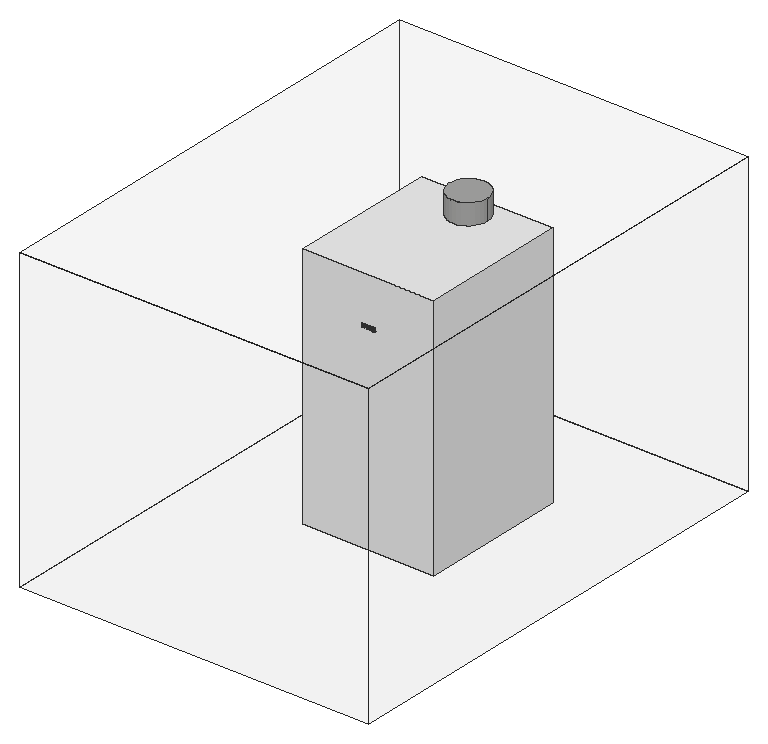
Revit family "Sirius_two_FS_90kW_LOD-3", category Mechanical Equipment, Revit 2014
Parameters (values of type "90kW")
  Weekly = "0"
  Water Treatment Required = yes
  Water Content = 8.34 L
  Warranty ID = "See manufacturers website for warranty options and T&C's"
  Voltage = 230 V
  Uniclass2015 = "Pr_60_60_08"
  URL = ""
  Type = ""
  Turndown Ratio = "9:1"
  Supply Phase = 1
  Starting Current = 0 A
  Sound Pressure Level = "64 dBA"
  Shipping Weight = 117.00 kg
  Shape = "Rectangular (Vertical)"
  Safety Valve Connection Type = "Threaded"
  Safety Valve Connection Size = 19.05 mm
  Responsible Sourcing of Materials = "0"
  Responsible Extraction of Materials = "0"
  Reference Standard = "ISO 9001; ISO 14001"
  Rated Output = 85000 W
  Rated Criteria = "80/60"
  Quarterly = "0"
  Product Range = "Sirius two FS (90kW)"
  Product Model Number = "5142182"
  Product Literature = "ww.pottertoncommercial.co.uk/products/stainless-steel/sirius-two-fs-50-110kW.htm"
  Primary Fuel = "Gas - NG"
  Overall Width = 600 mm
  Overall Length = 681 mm
  Overall Height = 1127 mm
  Optional Fuel = "Gas - LPG"
  Operation and Maintenance Manual = "http://www.pottertoncommercial.co.uk/products/stainless-steel/sirius-two-fs-50-110kW.htm"
  Oil Consumption rate = 0
  Nominal Oil Inlet Pressure = 0.000 bar
  Nominal Gas Inlet Pressure = 0.020 bar
  NOx Emissions = "36 mg/kWh"
  Mounting = "Floor Standing"
  Monthly = "0"
  Model = "SIRIUS two FS50"  # constant formula
  Minimum Power Consumption = 24 W
  Minimum Operating Pressure = 1.000 bar
  Minimum Oil Inlet Pressure = 0.000 bar
  Minimum Gas Inlet Pressure = 0.018 bar
  Minimum Flow Rate at 20C temperature differential = 1.020 L/s
  Minimum Flow Rate at 11C temperature differential = 1.360 L/s
  Maximum Power Consumption = 146 W
  Maximum Operating Pressure = 4.000 bar
  Maximum Oil Inlet Pressure = 0.000 bar
  Maximum Gas Inlet Pressure = 0.000 bar
  Material Ingredient Reporting = "0"
  Manufacturer Website = "http://www.pottertoncommercial.co.uk/index.htm"
  Manufacturer = "Potterton Commercial"  # constant formula
  Maintenance Required 8001 to 12000hrs = "0"
  Maintenance Required 601 to 1000hrs = "0"
  Maintenance Required 4001 to 8000hrs = "0"
  Maintenance Required 301 to 600hrs = "0"
  Maintenance Required 2001 to 4000hrs = "0"
  Maintenance Required 1001 to 2000hrs = "0"
  Maintenance Required 0 to 300hrs = "0"
  Location of Manufacturer = "0"
  Life Cycle Analysis = "0"
  Interlocks = yes
  IfcExportType = "NOTDEFINED"  # constant formula
  IfcExportAs = "IfcBoilerType"  # constant formula
  IP Rating = "IP21"
  IK Rating = "0"
  Hydraulic Resistance at 20C temperature differential = 0.022 bar
  Hydraulic Resistance at 11C temperature differential = 0.040 bar
  Heater Operation = "Condensing"
  Heat Exchanger Material = "Stainless Steel"
  Gross Weight = 104.00 kg
  Green Guide for Specification = "0"
  Gas Consumption rate = "9.25 m3/h"
  Fuse Rating = 0 A
  Full Load Current = 0 A
  Fuel Connection Type = "Threaded"
  Fuel Connection Size = 645.16 mm
  Frequency = 50 Hz
  Flue or Air Intake Classification = "C13; C33; B23; B23p; C43; C53; C63; C83"
  Flue Connection size = 110 mm
  Flow and Return Connection Type = "Threaded"
  Flow and Return Connection Size = 967.74 mm
  Finish = "Powder coated"
  Features = "Floor standing boiler, stainless steel heat exchanger, 9:1 modulation"
  External Material = "Steel"
  Expected Life = ">10 years"
  ErP Seasonal Efficiency = "0 %"
  ErP Rated Efficiency at Part Load = "97.5 %"
  ErP Rated Efficiency at Full Load = "87.7 %"
  ErP Energy Label = "0"
  Environmental Product Declaration = "0"
  Energy Technology List = "https://etl.decc.gov.uk/engetl/fox/live/ETL_PUBLIC_PRODUCT_SEARCH/product?PROD_ID=74731"
  Embodied Carbon = "0"
  Drain Connection Type = "Plain"
  Drain Connection Size = 0 mm
  Description = ""
  Daily = "0"
  Control Type = "Optimised, modulating, weather compensating, BMS compatible"
  Configuration = "Single boiler"
  Condensate Drain Type = "Plain"
  Condensate Drain Size = 22 mm
  Colour = "White"
  Clearance Box Visibility [instance] = yes
  CE Mark = "CE-0085CP0089"
  Burner Control Type = "Modulating"
  Building Regulations Seasonal Efficiency = "96.8 %"
  Bespoke Timeframe = "0"
  BMS Links = yes
  Annually = "Annual service according to manufacturers guidance."
  Air Inlet Connection Size = 160 mm
  Additional Technical Details = "Cascade kits available for up to 6 boilers"
  Access Clearance Top = 250 mm
  Access Clearance Right = 500 mm
  Access Clearance Rear = 500 mm
  Access Clearance Left = 500 mm
  Access Clearance Front = 1000 mm
  Access Clearance Bottom = 0 mm
  6 Monthly = "0"
Reference planes
  plane 1 "Center (Front/Back)": y = 0
  plane 2: z = 0
  plane 3 "Center (Left/Right)": x = 0
Forms (mm)
  Extrusion 1, solid, material "Potterton Sirius WH - Cover"
    sketch origin (0, -2, 0) x (1, 0, 0) y (0, 1, 0)
      loop
        line (-300, 2) -> (-300, -679) -> (300, -679) -> (300, 2) -> (-300, 2)
    from 0 to 1132
  Extrusion 2, solid, material "Potterton Sirius FS - Logo"
    sketch origin (-369.668, -681, 820.982) x (1, 0, 0) y (0, 0, 1)
      loop
        arc (342.971, 100.811) -> (344.366, 99.416) -> (342.971, 98.02) r 1.395
        line (342.971, 98.02) -> (339.501, 98.02) -> (339.501, 93.964) -> (341.208, 93.964) -> (341.208, 96.293) -> (342.971, 96.293)
        arc (342.971, 96.293) -> (344.738, 96.848) -> (345.87, 98.315) r 3.088
        arc (345.87, 98.315) -> (351.536, 94.006) -> (353.627, 100.811) r 4.341
        line (353.627, 100.811) -> (355.933, 100.811) -> (355.933, 93.964) -> (357.701, 93.964) -> (357.701, 100.811) -> (361.06, 100.811) -> (361.06, 93.964) -> (362.813, 93.964) -> (362.813, 100.811) -> (366.054, 100.811) -> (366.054, 93.964) -> (372.032, 93.964) -> (372.032, 95.63) -> (367.807, 95.63) -> (367.807, 97.433) -> (371.262, 97.433)
        arc (371.262, 97.433) -> (372.08, 98.251) -> (371.262, 99.069) r 0.818
        line (371.262, 99.069) -> (367.807, 99.069) -> (367.807, 100.811) -> (375.58, 100.811)
        arc (375.58, 100.811) -> (376.451, 99.94) -> (375.58, 99.069) r 0.871
        line (375.58, 99.069) -> (373.302, 99.069)
        arc (373.302, 99.069) -> (372.52, 98.49) -> (372.845, 97.573) r 0.818
        line (372.845, 97.573) -> (381.32, 91.867)
        arc (381.32, 91.867) -> (382.144, 91.832) -> (382.566, 92.541) r 0.805
        line (382.566, 92.541) -> (382.566, 100.811) -> (385.072, 100.811)
        arc (385.072, 100.811) -> (386.619, 94.222) -> (392.72, 97.151) r 4.341
        line (392.72, 97.151) -> (392.72, 93.964) -> (394.487, 93.964) -> (394.487, 99.069) -> (398.739, 94.236)
        arc (398.739, 94.236) -> (399.755, 93.983) -> (400.351, 94.844) r 0.921
        line (400.351, 94.844) -> (400.351, 101.682)
        arc (400.351, 101.682) -> (399.452, 102.581) -> (398.554, 101.682) r 0.899
        line (398.554, 101.682) -> (398.554, 97.165) -> (394.162, 102.301)
        arc (394.162, 102.301) -> (393.255, 102.537) -> (392.72, 101.768) r 0.819
        line (392.72, 101.768) -> (392.72, 99.124)
        arc (392.72, 99.124) -> (391.302, 101.447) -> (388.78, 102.469) r 4.341
        line (388.78, 102.469) -> (379.034, 102.469)
        arc (379.034, 102.469) -> (378.205, 101.64) -> (379.034, 100.811) r 0.829
        line (379.034, 100.811) -> (380.772, 100.811) -> (380.772, 94.179) -> (375.58, 97.707)
        arc (375.58, 97.707) -> (377.961, 100.088) -> (375.58, 102.469) r 2.381
        line (375.58, 102.469) -> (353.905, 102.469)
        arc (353.905, 102.469) -> (353.223, 102.111) -> (353.129, 101.347) r 0.829
        arc (353.129, 101.347) -> (349.064, 102.325) -> (346.059, 99.418) r 4.341
        arc (346.059, 99.418) -> (345.142, 101.577) -> (342.971, 102.469) r 3.088
        line (342.971, 102.469) -> (339.417, 102.469)
        arc (339.417, 102.469) -> (338.587, 101.64) -> (339.417, 100.811) r 0.829
        line (339.417, 100.811) -> (342.971, 100.811)
      loop
        line (384.051, 92.773) -> (384.051, 91.973) -> (400.157, 91.973) -> (400.157, 92.773) -> (384.051, 92.773)
      loop
        line (339.501, 92.773) -> (339.501, 91.973) -> (378.488, 91.973) -> (378.488, 92.773) -> (339.501, 92.773)
      loop
        arc (340.058, 88.937) -> (338.522, 87.401) -> (340.058, 85.864) r 1.537
        line (340.058, 85.864) -> (399.258, 85.864)
        arc (399.258, 85.864) -> (400.795, 87.401) -> (399.258, 88.937) r 1.537
        line (399.258, 88.937) -> (340.058, 88.937)
      loop
        circle (350.207, 98.138) r 2.591
      loop
        circle (342.971, 99.416) r 0.875
      loop
        circle (388.493, 98.138) r 2.591
    from 0 to 2
  Sweep 3, solid
    path origin (0, 0, -15) x (1, 0, 0) y (0, 0, 1)
      loop
        line (0, 1147) -> (0, 1241.019)
    profile origin (0, 0, 1179.009) x (-1, 0, 0) y (0, -1, 0)
      loop
        circle (0, 107) r 88.5
  Sweep 4, solid
    path origin (0, 0, 0) x (0, 1, 0) y (0, 0, 1)
      loop
        line (0, 0) -> (19, 0)
    profile origin (0, 9.5, 0) x (0, 0, 1) y (1, 0, 0)
      loop
        circle (391, 202) r 19.05
      loop
        circle (291, 202) r 19.05
      loop
        circle (211, -238) r 9
      loop
        circle (757, -246) r 12.7
  Extrusion 5, solid, material "Glass - Clear - Amber", visible <- "Clearance Box Visibility"
    sketch origin (0, 0, 0) x (1, 0, 0) y (0, 1, 0)
      loop
        line (-800, 500) -> (-800, -1681) -> (800, -1681) -> (800, 500) -> (-800, 500)
    from 0 to 1382
Dimensions and locks
  aligned and locked: level to plane 2
  aligned and locked: plane 1 "Center (Front/Back)" to Sweep 4 sketch curve
  aligned and locked: Sweep 4 sketch curve to level
  aligned and locked: Extrusion 1 to plane 1 "Center (Front/Back)"
Connectors
  hvac at (0, -107, 1226.019)
    settings: on Sweep 3, index 6, duct flow 0.0 m³/h, flow factor 0, pres drop 0.000 bar, loss coef 0, conn angle 0.00°, conn width 304.8 mm, conn height 304.8 mm, conn diameter 160 mm, duct sys type 3, conn prof type 0, flow config 1, flow direction 2, loss method 0, conn ref index -1, conn util no, is conn primary yes, conn desc "Flue"
  piping at (-246, 19, 757), diameter 25.4
    settings: on Sweep 4, index 7, connector inside diameter 609.6 mm, connector length 0 mm, flow factor 0, pipe flow 0.000 L/s, pressure drop 0.000 bar, fitting loss kfactor 0, connector angle 0.00°, fixture units 0, engagement length 0 mm, angle of deflection 0.00°, flow configuration 1, flow direction 1, fitting loss method 0, system type 22, joint type 0, gender type 0, connector reference index -1, connector utility 0, adjustable connector no, is connector primary no, connector description "Gas"
  piping at (202, 19, 391), diameter 38.1
    settings: on Sweep 4, index 8, connector inside diameter 609.6 mm, connector length 0 mm, flow factor 0, pipe flow 0.000 L/s, pressure drop 0.000 bar, fitting loss kfactor 0, connector angle 0.00°, fixture units 0, engagement length 0 mm, angle of deflection 0.00°, flow configuration 0, flow direction 1, fitting loss method 0, system type 8, joint type 0, gender type 0, connector reference index -1, connector utility 0, adjustable connector no, is connector primary no, connector description "Return"
  piping at (202, 19, 291), diameter 38.1
    settings: on Sweep 4, index 9, connector inside diameter 609.6 mm, connector length 0 mm, flow factor 0, pipe flow 0.000 L/s, pressure drop 0.000 bar, fitting loss kfactor 0, connector angle 0.00°, fixture units 0, engagement length 0 mm, angle of deflection 0.00°, flow configuration 1, flow direction 2, fitting loss method 0, system type 7, joint type 0, gender type 0, connector reference index -1, connector utility 0, adjustable connector no, is connector primary yes, connector description "Flow"
  piping at (-238, 19, 211), diameter 18
    settings: on Sweep 4, index 10, connector inside diameter 609.6 mm, connector length 0 mm, flow factor 0, pipe flow 0.000 L/s, pressure drop 0.000 bar, fitting loss kfactor 0, connector angle 0.00°, fixture units 0, engagement length 0 mm, angle of deflection 0.00°, flow configuration 1, flow direction 2, fitting loss method 0, system type 22, joint type 0, gender type 0, connector reference index -1, connector utility 0, adjustable connector no, is connector primary no, connector description "Drain"
